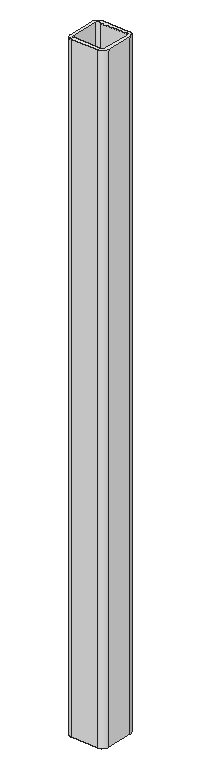
Revit family "HSS-속 빈 구조 단면-기둥", category 구조 기둥, Revit 2026
Family settings
  단면 모양 = 정의되지 않음
  모델 동작 재료 = 스틸
  항상 형상으로 내보내기 = 아니오
  평면의 보 전환 = 경계 상자에서
  로드될 때 보이드를 사용하여 절단 = 아니오
  기호 표현 = 프로젝트 설정에서
  공유 = 아니오
  평면도에서 미리 절단된 패밀리 표시 = 예
Parameters (values of type "HSS152.4X152.4X12.7")
  Assembly Code = ""
  Structural Material [instance] = 금속 - 스틸 - 345 MPa
  A = 0.006 m²
  Ht = 152 mm
  W = 0.512
  모양 = "정사각형"
  b = 152 mm
  kr = 2 * t  # 23.6 mm
  t = 11.8 mm
Types (2, lengths in mm): name | A | Ht | W | b | kr | t
  HSS152.4X152.4X12.7 | 0.006 m² | 152 | 0.512 | 152 | 23.6 | 11.8
  HSS203.2X203.2X9.5 | 0.00669 m² | 203 | 0.549 | 203 | 17.8 | 8.9
Reference planes
  plane 1 "중심(앞/뒤)": y = 0
  plane 2: z = 0
  plane 3 "중심(왼쪽/오른쪽)": x = 0
  plane 4: x = -76
  plane 5: x = 76
  plane 6: y = 76
  plane 7: y = -76
  plane 8: x = -52.4
  plane 9: y = -52.4
  plane 10: y = 52.4
  plane 11: x = 52.4
Forms (mm)
  Extrusion 1, solid, material "금속 - 스틸 - 345 MPa" <- "Structural Material", detail levels medium
    sketch origin (0, 0, 0) x (1, 0, 0) y (0, 1, 0)
      loop
        line (-76, 76) -> (-76, -76) -> (76, -76) -> (76, 76) -> (-76, 76)
      loop
        line (-64.2, 64.2) -> (-64.2, -64.2) -> (64.2, -64.2) -> (64.2, 64.2) -> (-64.2, 64.2)
    from 0 to 2500
  Extrusion 2, solid, material "금속 - 스틸 - 345 MPa" <- "Structural Material", detail levels fine
    sketch origin (0, 0, 0) x (1, 0, 0) y (0, 1, 0)
      loop
        arc (-52.4, 76) -> (-69.088, 69.088) -> (-76, 52.4) r 23.6
        line (-76, 52.4) -> (-76, -52.4)
        arc (-76, -52.4) -> (-69.088, -69.088) -> (-52.4, -76) r 23.6
        line (-52.4, -76) -> (52.4, -76)
        arc (52.4, -76) -> (69.088, -69.088) -> (76, -52.4) r 23.6
        line (76, -52.4) -> (76, 52.4)
        arc (76, 52.4) -> (69.088, 69.088) -> (52.4, 76) r 23.6
        line (52.4, 76) -> (-52.4, 76)
      loop
        arc (-52.4, 64.2) -> (-60.744, 60.744) -> (-64.2, 52.4) r 11.8
        line (-64.2, 52.4) -> (-64.2, -52.4)
        arc (-64.2, -52.4) -> (-60.744, -60.744) -> (-52.4, -64.2) r 11.8
        line (-52.4, -64.2) -> (52.4, -64.2)
        arc (52.4, -64.2) -> (60.744, -60.744) -> (64.2, -52.4) r 11.8
        line (64.2, -52.4) -> (64.2, 52.4)
        arc (64.2, 52.4) -> (60.744, 60.744) -> (52.4, 64.2) r 11.8
        line (52.4, 64.2) -> (-52.4, 64.2)
    from 0 to 2500
Lines and regions (mm)
  symbolic lines, style "StructuralColumnStickSymbols", detail levels coarse
    curve 1: line (-76, 76, 0) -> (76, 76, 0)
    curve 2: line (-76, -76, 0) -> (76, -76, 0)
    curve 5: line (-76, 76, 0) -> (-76, -76, 0)
    curve 6: line (76, 76, 0) -> (76, -76, 0)
  symbolic lines, style "숨겨진 면", detail levels medium+fine
    curve 3: line (-64.2, 0, 0) -> (-64.2, 0, 2500)
    curve 4: line (64.2, 0, 2500) -> (64.2, 0, 0)
Dimensions and locks
  equal spacing: plane 4, plane 3 "중심(왼쪽/오른쪽)", plane 5
  equal spacing: plane 7, plane 1 "중심(앞/뒤)", plane 6
  "Ht": plane 7 to plane 6
  "b": plane 4 to plane 5
  "t": Extrusion 1 sketch curve to plane 5
  "t": plane 4 to Extrusion 1 sketch curve
  "t": Extrusion 1 sketch curve to plane 6
  "t": Extrusion 1 sketch curve to plane 7
  "t": Extrusion 2 sketch curve to plane 6
  "t": Extrusion 2 sketch curve to plane 5
  "t": plane 4 to Extrusion 2 sketch curve
  "t": Extrusion 2 sketch curve to plane 7
  "kr": plane 10 to plane 6
  "kr": plane 7 to plane 9
  "kr": plane 11 to plane 5
  "kr": plane 4 to plane 8
  aligned and locked: plane 6 to Extrusion 1 sketch curve
  aligned and locked: Extrusion 1 sketch curve to plane 7
  aligned and locked: Extrusion 1 sketch curve to plane 4
  aligned and locked: plane 5 to Extrusion 1 sketch curve
  aligned and locked: level to Extrusion 1
  aligned and locked: level to plane 2
  aligned and locked: Extrusion 1 to plane 2
  aligned and locked: curve 1 to Extrusion 2 sketch curve
  aligned and locked: Extrusion 2 sketch curve to Extrusion 1
  aligned and locked: level to Extrusion 2
  aligned and locked: curve 4 to Extrusion 2
  aligned and locked: curve 3 to Extrusion 2
Automatic sketch dimensions
  Extrusion 2 sketch curve to plane 8 = 0 mm  (x4)
  Extrusion 2 sketch curve to plane 7 = 0 mm
  Extrusion 2 sketch curve to plane 11 = 0 mm
  Extrusion 2 sketch curve to plane 10 = 0 mm  (x2)
  Extrusion 2 sketch curve to plane 9 = 0 mm  (x2)
  curve 3 to level = 0 mm  (x2)
  curve 4 to level = 0 mm  (x2)
  curve 5 to plane 4 = 0 mm
  curve 2 to plane 5 = 0 mm
  curve 5 to plane 7 = 0 mm
  curve 5 to plane 6 = 0 mm
